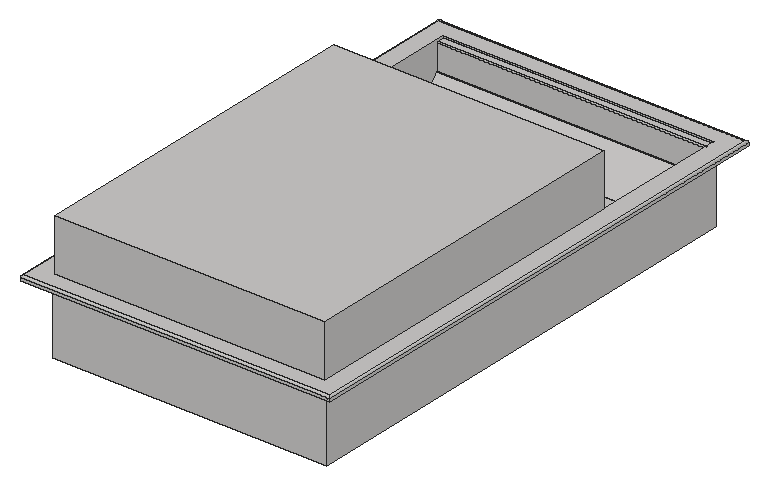
Revit family "PRD_AR_WstBns_RODANWasteBin_RODX605E", category Specialty Equipment, host Face, Revit 2018
Family settings
  Host = Face
  Round Connector Dimension = Use Diameter
  Part Type = Normal
  OmniClass Number = 23.40.20.31.11
  OmniClass Title = Bins
  Cut with Voids When Loaded = Yes
  Shared = No
  Room Calculation Point = No
Parameters (values of type "RODX605E")
  WasteBinMaterial = PRD_AR_StainlessSteel_SatinFinished
  WarrantyStartDate [instance] = "1900-12-31T23:59:59"
  WarrantyGuarantorParts = "n/a"
  WarrantyGuarantorLabor = "n/a"
  WarrantyDurationUnit = "year"
  WarrantyDurationParts = "n/a"
  WarrantyDurationLabor = "n/a"
  WarrantyDescription = "n/a"
  Version = "1"
  Uniclass2015Version = "Products v1.10"
  Uniclass2015Title = "Waste bins"
  Uniclass2015Code = "Pr_40_50_07_96"
  URL = "www.kwc.com"
  TypeOfMounting = "Recessed mounting"
  TypeOfFixing = "Screw"
  TagNumber [instance] = "n/a"
  SustainabilityPerformance = "n/a"
  Style = "waste bin"
  Size = "408 x 690 x 169 mm"
  Shape = "n/a"
  SerialNumber [instance] = "n/a"
  Revision = "n/a"
  ReplacementCost = "n/a"
  ProductInformation = "https://pim.kwc.com/product/2000090062/attachment/datasheet?locale=en"
  NominalWidth = 408.00 mm
  NominalHeight = 690.00 mm
  NominalDepth = 169.00 mm
  NetWeight = 7.50 kg
  Name = "Waste Bin RODX605E"
  NBSTypeID = "n/a"
  NBSReference = "45-35-72/380"
  NBSOfficeMasterTag = "n/a"
  NBSNote = "n/a"
  NBSDescription = "Waste bins"
  NBSCertification = "n/a"
  ModelReference = "RODX605E"
  ModelNumber = "2000090062"
  Model = ModelReference  # "RODX605E"
  MaterialThickness = "0.80 mm"
  MaterialCode = "1.4301"
  Material = "stainless steel"
  ManufacturerURL = "www.kwc.com"
  ManufacturerName = "KWC Group AG"  # constant formula
  Manufacturer = ManufacturerName  # "KWC Group AG"
  MainColor = "stainless steel"
  Lock = "Key-lock"
  Lid = "No"
  IsBuiltIn = "TRUE"
  IntegralAccessories = "incl. stainless steel screws and dowels"
  InstallationDate [instance] = "1900-12-31T23:59:59"
  IfcExportType = "USERDEFINED"
  IfcExportAs = "IfcFurnitureType"
  GrossWeight = 8.25 kg
  Grade = "n/a"
  Finish = "satin finished"
  FillingVolume = "23.00 liter"
  Features = "stainless steel, surface satin finished"
  ExpectedLife = "n/a"
  DurationUnit = "year"
  Description = "Waste bin for recessed mounting, stainless steel, surface satin finished, material thickness 0.8 mm, rounded edges, cylinder lock with KWC standard key, mounting with in-wall frame, inclusive stainless steel screws and dowels. Capacity approx. 23 liter."
  Default Elevation = 850.00 mm
  CreateOn = "11/2019"  # constant formula
  Constituents = "n/a"
  Color = "n/a"
  CodePerformance = "n/a"
  Category = "Pr_40_50_07_96, Waste bins"
  BarCode [instance] = "n/a"
  BagHolder = "No"
  BIMObjectName = "PRD_AR_WasteBins_RODANWasteBin_RODX605E"
  Author = "Archispace"  # constant formula
  AssetType = "Fixed"
  AssetIdentifier [instance] = "n/a"
  AccessibilityPerformance = "n/a"
Reference planes
  plane 1 "Center (Front/Back)": y = 0
  plane 2: z = 0
  plane 3 "Center (Left/Right)": x = 0
Forms (mm)
  Extrusion 1, void
    sketch origin (0, 0, 0) x (1, 0, 0) y (0, 1, 0)
      loop
        line (-180.5, 321) -> (-180.5, -321) -> (180.5, -321) -> (180.5, 321) -> (-180.5, 321)
    from 0 to -94
Dimensions and locks
  Extrusion 1 sketch curve to Extrusion 1 sketch curve = 361.00 mm
  Extrusion 1 sketch curve to Extrusion 1 sketch curve = 642.00 mm
  aligned and locked: plane 2 to host face
  aligned and locked: level to host face
Nested families
  nested 1: "RODX605E" at (0, 0, 0), Material <- "WasteBinMaterial", type "RODX605E"
    with Material PRD_AR_StainlessSteel_SatinFinished
Definition of nested family "RODX605E"
  Parameters (values of type "2000090062-RODX605E")
    Default Elevation = 1219.20 mm
    Material [instance] = none
  Reference planes
    plane 1 "Środek (Przód/Tył)": y = 0
    plane 2: z = 0
    plane 3 "Środek (Lewa/Prawa)": x = 0
  Forms (mm)
    Extrusion 1, solid, material <- "Material", detail levels fine
      sketch origin (0, 0, 0) x (1, 0, 0) y (0, 1, 0)
        loop
          line (-204, 345) -> (-204, -345) -> (204, -345) -> (204, 345) -> (-204, 345)
      from 0 to 6
    Sweep 2, void
      path in 3D
        loop
          line (-204, 345, 6) -> (-204, -345, 6) -> (204, -345, 6) -> (204, 345, 6) -> (-204, 345, 6)
      profile origin (0, 345, 6) x (0, -1, 0) y (0, 0, 1)
        loop
          line (0, 0) -> (0, -2.5)
          arc (0, -2.5) -> (0.732, -0.732) -> (2.5, 0) r 2.5
          line (2.5, 0) -> (0, 0)
    Extrusion 3, void
      sketch origin (0, 0, 0) x (1, 0, 0) y (0, 1, 0)
        loop
          line (-178.25, 320) -> (-178.25, 139) -> (178.25, 139) -> (178.25, 320) -> (-178.25, 320)
      from -92 to 14
    Extrusion 4, solid, material <- "Material", detail levels fine
      sketch origin (0, 0, 0) x (0, 1, 0) y (0, 0, 1)
        loop
          line (321, 0) -> (-321, 0) -> (-321, -94) -> (321, -94) -> (321, 0)
      from -180.5 to 180.5
    Extrusion 5, void
      sketch origin (0, 0, 0) x (0, 1, 0) y (0, 0, 1)
        loop
          line (139, 0) -> (139, -92) -> (320, -92) -> (320, 0) -> (139, 0)
      from -178.25 to 178.25
    Extrusion 6, void
      sketch origin (0, 0, 10.034) x (1, 0, 0) y (0, 0, 1)
        loop
          arc (-171.3, 58.11) -> (-172.714, 57.524) -> (-173.3, 56.11) r 2
          line (-173.3, 56.11) -> (-173.3, -88.034)
          arc (-173.3, -88.034) -> (-172.714, -89.448) -> (-171.3, -90.034) r 2
          line (-171.3, -90.034) -> (171.3, -90.034)
          arc (171.3, -90.034) -> (172.714, -89.448) -> (173.3, -88.034) r 2
          line (173.3, -88.034) -> (173.3, 56.11)
          arc (173.3, 56.11) -> (172.714, 57.524) -> (171.3, 58.11) r 2
          line (171.3, 58.11) -> (-171.3, 58.11)
      from -139 to 315.109
    Extrusion 7, solid, material <- "Material", detail levels medium
      sketch origin (0, 0, 0) x (1, 0, 0) y (0, 1, 0)
        loop
          line (-204, 345) -> (-204, -345) -> (204, -345) -> (204, 345) -> (-204, 345)
      from 0 to 6
    Extrusion 8, void
      sketch origin (0, 0, 0) x (1, 0, 0) y (0, 1, 0)
        loop
          line (-178.25, 320) -> (-178.25, 139) -> (178.25, 139) -> (178.25, 320) -> (-178.25, 320)
      from 0 to 6
    Extrusion 9, solid, material <- "Material", detail levels coarse
      sketch origin (0, 0, 0) x (1, 0, 0) y (0, 1, 0)
        loop
          line (-204, 345) -> (-204, -345) -> (204, -345) -> (204, 345) -> (-204, 345)
      from 0 to 6
    Extrusion 10, solid, material <- "Material", detail levels coarse
      sketch origin (0, 0, 0) x (0, 1, 0) y (0, 0, 1)
        loop
          line (321, 0) -> (-321, 0) -> (-321, -94) -> (321, -94) -> (321, 0)
      from -180.5 to 180.5
    Revolve 11, solid, material <- "Material", detail levels fine
      sketch origin (0, -337.464, -88) x (0, 1, 0) y (0, 0, 1)
        loop
          line (508.475, 14) -> (508.475, 16.65)
          arc (508.475, 16.65) -> (507.889, 18.064) -> (506.475, 18.65) r 2
          line (506.475, 18.65) -> (504.716, 18.65)
          arc (504.716, 18.65) -> (504.35, 19.016) -> (503.85, 19.15) r 1
          line (503.85, 19.15) -> (498.5, 19.15) -> (498.5, 14) -> (508.475, 14)
        axis (498.5, 19.15) -> (498.5, 14)
      angle from 0 to 360
    Revolve 12, solid, material <- "Material", detail levels medium
      sketch origin (0, -337.464, -88) x (0, 1, 0) y (0, 0, 1)
        loop
          line (508.475, 14) -> (508.475, 19.15) -> (498.5, 19.15) -> (498.5, 14) -> (508.475, 14)
        axis (498.5, 19.15) -> (498.5, 14)
      angle from 0 to 360
    Extrusion 13, solid, material <- "Material", detail levels medium
      sketch origin (0, 0, 0) x (0, 1, 0) y (0, 0, 1)
        loop
          line (321, 0) -> (-321, 0) -> (-321, -94) -> (321, -94) -> (321, 0)
      from -180.5 to 180.5
    Extrusion 14, solid, material <- "Material", detail levels fine
      sketch origin (0, 0, 0) x (0, 1, 0) y (0, 0, 1)
        loop
          line (143, -75) -> (143, -92) -> (144, -92) -> (144, -76)
          arc (144, -76) -> (144.293, -75.293) -> (145, -75) r 1
          line (145, -75) -> (270.519, -75)
          arc (270.519, -75) -> (270.933, -74.91) -> (271.273, -74.657) r 1
          line (271.273, -74.657) -> (309.237, -31.071)
          arc (309.237, -31.071) -> (309.51, -30.612) -> (309.606, -30.086) r 1.5
          line (309.606, -30.086) -> (309.606, 2.353)
          arc (309.606, 2.353) -> (309.898, 3.06) -> (310.606, 3.353) r 1
          line (310.606, 3.353) -> (320, 3.353) -> (320, 4.353) -> (309.606, 4.353)
          arc (309.606, 4.353) -> (308.898, 4.06) -> (308.606, 3.353) r 1
          line (308.606, 3.353) -> (308.606, -29.711)
          arc (308.606, -29.711) -> (308.51, -30.237) -> (308.237, -30.696) r 1.5
          line (308.237, -30.696) -> (270.818, -73.657)
          arc (270.818, -73.657) -> (270.478, -73.91) -> (270.064, -74) r 1
          line (270.064, -74) -> (144, -74)
          arc (144, -74) -> (143.293, -74.293) -> (143, -75) r 1
      from -178.25 to 178.25
    Extrusion 15, solid, material <- "Material", detail levels medium
      sketch origin (0, 0, 0) x (0, 1, 0) y (0, 0, 1)
        loop
          line (139, -74) -> (139, -92) -> (140, -92) -> (140, -75) -> (270.974, -75) -> (309.606, -30.647) -> (309.606, 3.353) -> (320, 3.353) -> (320, 4.353) -> (308.606, 4.353) -> (308.606, -30.273) -> (270.519, -74) -> (139, -74)
      from -178.25 to 178.25
    Extrusion 16, solid, material <- "Material", detail levels coarse
      sketch origin (0, 0, 0) x (0, 1, 0) y (0, 0, 1)
        loop
          line (139, 6) -> (139, 75) -> (-321, 75) -> (-321, 6) -> (139, 6)
      from -178.25 to 178.25
    Extrusion 17, solid, material <- "Material", detail levels medium
      sketch origin (0, 0, 0) x (0, 1, 0) y (0, 0, 1)
        loop
          line (139, 6) -> (139, 75) -> (-321, 75) -> (-321, 6) -> (139, 6)
      from -178.25 to 178.25
    Extrusion 18, solid, material <- "Material", detail levels fine
      sketch origin (0, 0, 0) x (0, 1, 0) y (0, 0, 1)
        loop
          line (139, 6) -> (139, 75) -> (-321, 75) -> (-321, 6) -> (139, 6)
      from -178.25 to 178.25
  Cuts and joins
    Sweep 2, Extrusion 3, Extrusion 6 cuts Extrusion 1
    Extrusion 5, Extrusion 6 cuts Extrusion 4
    Sweep 2, Extrusion 6 cuts Extrusion 18
    joined: Extrusion 1, Extrusion 4, Extrusion 18
    Extrusion 8 cuts Extrusion 7
    Extrusion 5 cuts Extrusion 13
    joined: Extrusion 7, Extrusion 13, Extrusion 17
    joined: Revolve 11, Extrusion 14
    joined: Revolve 12, Extrusion 15
    joined: Extrusion 9, Extrusion 10, Extrusion 16
  Lines and regions (mm)
    sketch lines
      curve 1: line (204, 345, 6) -> (-204, 345, 6)
      curve 2: line (-204, 345, 6) -> (-204, -345, 6)
      curve 3: line (204, -345, 6) -> (204, 345, 6)
      curve 4: line (-204, -345, 6) -> (204, -345, 6)
  Dimensions and locks
    Extrusion 10 to Extrusion 10 = 642.00 mm
    Extrusion 10 to Extrusion 9 = 94.00 mm
    Extrusion 10 to plane 1 "Środek (Przód/Tył)" to Extrusion 10 = 321.00 mm, 321.00 mm
    Extrusion 10 to Extrusion 10 = 361.00 mm
    Extrusion 9 to plane 3 "Środek (Lewa/Prawa)" to Extrusion 9 = 204.00 mm, 204.00 mm
    cut or joined group of Extrusion 5, Extrusion 7, Extrusion 8, Extrusion 13, Extrusion 17 to cut or joined group of Extrusion 5, Extrusion 7, Extrusion 8, Extrusion 13, Extrusion 17 = 361.00 mm
    aligned and locked: level to plane 2
